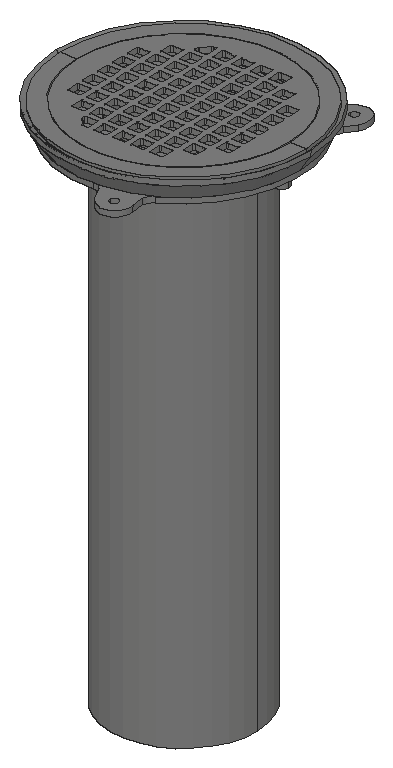
Revit family "Drain_Floor_Shallow_POD_PRO_Zurn-ZPD1-H", category Plumbing Fixtures, Revit 2022 (continued)
Forms (in)
  Extrusion 3, solid, material "Steel - Zurn - Stainless Type 304 CF8" <- "Top Assembly", detail levels fine
    sketch origin (0, 0, 0) x (1, 0, 0) y (0, 1, 0)
      loop
        spline (1.00009, -1.46875) -> (1.00416, -1.46848) -> (1.00816, -1.46769) -> (1.01202, -1.46638) -> (1.01568, -1.46458) -> (1.01907, -1.46232) -> (1.02213, -1.45963) -> (1.02482, -1.45657) -> (1.02708, -1.45318) -> (1.02888, -1.44952) -> (1.03019, -1.44566) -> (1.03098, -1.44166) -> (1.03125, -1.43759)
        line (1.03125, -1.43759) -> (1.03125, -1.18741)
        spline (1.03125, -1.18741) -> (1.03098, -1.18334) -> (1.03019, -1.17934) -> (1.02888, -1.17548) -> (1.02708, -1.17182) -> (1.02482, -1.16843) -> (1.02213, -1.16537) -> (1.01907, -1.16268) -> (1.01568, -1.16042) -> (1.01202, -1.15862) -> (1.00816, -1.15731) -> (1.00416, -1.15652) -> (1.00009, -1.15625)
        line (1.00009, -1.15625) -> (0.74991, -1.15625)
        spline (0.74991, -1.15625) -> (0.74584, -1.15652) -> (0.74184, -1.15731) -> (0.73798, -1.15862) -> (0.73432, -1.16042) -> (0.73093, -1.16268) -> (0.72787, -1.16537) -> (0.72518, -1.16843) -> (0.72292, -1.17182) -> (0.72112, -1.17548) -> (0.71981, -1.17934) -> (0.71902, -1.18334) -> (0.71875, -1.18741)
        line (0.71875, -1.18741) -> (0.71875, -1.43759)
      loop
        spline (0.71875, -1.00009) -> (0.71902, -1.00416) -> (0.71981, -1.00816) -> (0.72112, -1.01202) -> (0.72292, -1.01568) -> (0.72518, -1.01907) -> (0.72787, -1.02213) -> (0.73093, -1.02482) -> (0.73432, -1.02708) -> (0.73798, -1.02888) -> (0.74184, -1.03019) -> (0.74584, -1.03098) -> (0.74991, -1.03125)
        line (0.74991, -1.03125) -> (1.00009, -1.03125)
        spline (1.00009, -1.03125) -> (1.00416, -1.03098) -> (1.00816, -1.03019) -> (1.01202, -1.02888) -> (1.01568, -1.02708) -> (1.01907, -1.02482) -> (1.02213, -1.02213) -> (1.02482, -1.01907) -> (1.02708, -1.01568) -> (1.02888, -1.01202) -> (1.03019, -1.00816) -> (1.03098, -1.00416) -> (1.03125, -1.00009)
        line (1.03125, -1.00009) -> (1.03125, -0.74991)
        spline (1.03125, -0.74991) -> (1.03098, -0.74584) -> (1.03019, -0.74184) -> (1.02888, -0.73798) -> (1.02708, -0.73432) -> (1.02482, -0.73093) -> (1.02213, -0.72787) -> (1.01907, -0.72518) -> (1.01568, -0.72292) -> (1.01202, -0.72112) -> (1.00816, -0.71981) -> (1.00416, -0.71902) -> (1.00009, -0.71875)
        line (1.00009, -0.71875) -> (0.74991, -0.71875)
        spline (0.74991, -0.71875) -> (0.74584, -0.71902) -> (0.74184, -0.71981) -> (0.73798, -0.72112) -> (0.73432, -0.72292) -> (0.73093, -0.72518) -> (0.72787, -0.72787) -> (0.72518, -0.73093) -> (0.72292, -0.73432) -> (0.72112, -0.73798) -> (0.71981, -0.74184) -> (0.71902, -0.74584) -> (0.71875, -0.74991)
        line (0.71875, -0.74991) -> (0.71875, -1.00009)
      loop
        spline (0.71875, -0.56259) -> (0.71902, -0.56666) -> (0.71981, -0.57066) -> (0.72112, -0.57452) -> (0.72292, -0.57818) -> (0.72518, -0.58157) -> (0.72787, -0.58463) -> (0.73093, -0.58732) -> (0.73432, -0.58958) -> (0.73798, -0.59138) -> (0.74184, -0.59269) -> (0.74584, -0.59348) -> (0.74991, -0.59375)
        line (0.74991, -0.59375) -> (1.00009, -0.59375)
        spline (1.00009, -0.59375) -> (1.00416, -0.59348) -> (1.00816, -0.59269) -> (1.01202, -0.59138) -> (1.01568, -0.58958) -> (1.01907, -0.58732) -> (1.02213, -0.58463) -> (1.02482, -0.58157) -> (1.02708, -0.57818) -> (1.02888, -0.57452) -> (1.03019, -0.57066) -> (1.03098, -0.56666) -> (1.03125, -0.56259)
        line (1.03125, -0.56259) -> (1.03125, -0.31241)
        spline (1.03125, -0.31241) -> (1.03098, -0.30834) -> (1.03019, -0.30434) -> (1.02888, -0.30048) -> (1.02708, -0.29682) -> (1.02482, -0.29343) -> (1.02213, -0.29037) -> (1.01907, -0.28768) -> (1.01568, -0.28542) -> (1.01202, -0.28362) -> (1.00816, -0.28231) -> (1.00416, -0.28152) -> (1.00009, -0.28125)
        line (1.00009, -0.28125) -> (0.74991, -0.28125)
        spline (0.74991, -0.28125) -> (0.74584, -0.28152) -> (0.74184, -0.28231) -> (0.73798, -0.28362) -> (0.73432, -0.28542) -> (0.73093, -0.28768) -> (0.72787, -0.29037) -> (0.72518, -0.29343) -> (0.72292, -0.29682) -> (0.72112, -0.30048) -> (0.71981, -0.30434) -> (0.71902, -0.30834) -> (0.71875, -0.31241)
        line (0.71875, -0.31241) -> (0.71875, -0.56259)
      loop
        spline (0.71875, -0.12509) -> (0.71902, -0.12916) -> (0.71981, -0.13316) -> (0.72112, -0.13702) -> (0.72292, -0.14068) -> (0.72518, -0.14407) -> (0.72787, -0.14713) -> (0.73093, -0.14982) -> (0.73432, -0.15208) -> (0.73798, -0.15388) -> (0.74184, -0.15519) -> (0.74584, -0.15598) -> (0.74991, -0.15625)
        line (0.74991, -0.15625) -> (1.00009, -0.15625)
        spline (1.00009, -0.15625) -> (1.00416, -0.15598) -> (1.00816, -0.15519) -> (1.01202, -0.15388) -> (1.01568, -0.15208) -> (1.01907, -0.14982) -> (1.02213, -0.14713) -> (1.02482, -0.14407) -> (1.02708, -0.14068) -> (1.02888, -0.13702) -> (1.03019, -0.13316) -> (1.03098, -0.12916) -> (1.03125, -0.12509)
        line (1.03125, -0.12509) -> (1.03125, 0.12509)
        spline (1.03125, 0.12509) -> (1.03098, 0.12916) -> (1.03019, 0.13316) -> (1.02888, 0.13702) -> (1.02708, 0.14068) -> (1.02482, 0.14407) -> (1.02213, 0.14713) -> (1.01907, 0.14982) -> (1.01568, 0.15208) -> (1.01202, 0.15388) -> (1.00816, 0.15519) -> (1.00416, 0.15598) -> (1.00009, 0.15625)
        line (1.00009, 0.15625) -> (0.74991, 0.15625)
        spline (0.74991, 0.15625) -> (0.74584, 0.15598) -> (0.74184, 0.15519) -> (0.73798, 0.15388) -> (0.73432, 0.15208) -> (0.73093, 0.14982) -> (0.72787, 0.14713) -> (0.72518, 0.14407) -> (0.72292, 0.14068) -> (0.72112, 0.13702) -> (0.71981, 0.13316) -> (0.71902, 0.12916) -> (0.71875, 0.12509)
        line (0.71875, 0.12509) -> (0.71875, -0.12509)
      loop
        spline (0.31241, -1.59375) -> (0.30834, -1.59402) -> (0.30434, -1.59481) -> (0.30048, -1.59612) -> (0.29682, -1.59792) -> (0.29343, -1.60018) -> (0.29037, -1.60287) -> (0.28768, -1.60593) -> (0.28542, -1.60932) -> (0.28362, -1.61298) -> (0.28231, -1.61684) -> (0.28152, -1.62084) -> (0.28125, -1.62491)
        line (0.28125, -1.62491) -> (0.28125, -1.87509)
        spline (0.28125, -1.87509) -> (0.28152, -1.87916) -> (0.28231, -1.88316) -> (0.28362, -1.88702) -> (0.28542, -1.89068) -> (0.28768, -1.89407) -> (0.29037, -1.89713) -> (0.29343, -1.89982) -> (0.29682, -1.90208) -> (0.30048, -1.90388) -> (0.30434, -1.90519) -> (0.30834, -1.90598) -> (0.31241, -1.90625)
        line (0.31241, -1.90625) -> (0.56259, -1.90625)
        spline (0.56259, -1.90625) -> (0.56666, -1.90598) -> (0.57066, -1.90519) -> (0.57452, -1.90388) -> (0.57818, -1.90208) -> (0.58157, -1.89982) -> (0.58463, -1.89713) -> (0.58732, -1.89407) -> (0.58958, -1.89068) -> (0.59138, -1.88702) -> (0.59269, -1.88316) -> (0.59348, -1.87916) -> (0.59375, -1.87509)
        line (0.59375, -1.87509) -> (0.59375, -1.62491)
        spline (0.59375, -1.62491) -> (0.59348, -1.62084) -> (0.59269, -1.61684) -> (0.59138, -1.61298) -> (0.58958, -1.60932) -> (0.58732, -1.60593) -> (0.58463, -1.60287) -> (0.58157, -1.60018) -> (0.57818, -1.59792) -> (0.57452, -1.59612) -> (0.57066, -1.59481) -> (0.56666, -1.59402) -> (0.56259, -1.59375)
        line (0.56259, -1.59375) -> (0.31241, -1.59375)
      loop
        spline (0.28125, -1.43759) -> (0.28152, -1.44166) -> (0.28231, -1.44566) -> (0.28362, -1.44952) -> (0.28542, -1.45318) -> (0.28768, -1.45657) -> (0.29037, -1.45963) -> (0.29343, -1.46232) -> (0.29682, -1.46458) -> (0.30048, -1.46638) -> (0.30434, -1.46769) -> (0.30834, -1.46848) -> (0.31241, -1.46875)
        line (0.31241, -1.46875) -> (0.56259, -1.46875)
        spline (0.56259, -1.46875) -> (0.56666, -1.46848) -> (0.57066, -1.46769) -> (0.57452, -1.46638) -> (0.57818, -1.46458) -> (0.58157, -1.46232) -> (0.58463, -1.45963) -> (0.58732, -1.45657) -> (0.58958, -1.45318) -> (0.59138, -1.44952) -> (0.59269, -1.44566) -> (0.59348, -1.44166) -> (0.59375, -1.43759)
        line (0.59375, -1.43759) -> (0.59375, -1.18741)
        spline (0.59375, -1.18741) -> (0.59348, -1.18334) -> (0.59269, -1.17934) -> (0.59138, -1.17548) -> (0.58958, -1.17182) -> (0.58732, -1.16843) -> (0.58463, -1.16537) -> (0.58157, -1.16268) -> (0.57818, -1.16042) -> (0.57452, -1.15862) -> (0.57066, -1.15731) -> (0.56666, -1.15652) -> (0.56259, -1.15625)
        line (0.56259, -1.15625) -> (0.31241, -1.15625)
        spline (0.31241, -1.15625) -> (0.30834, -1.15652) -> (0.30434, -1.15731) -> (0.30048, -1.15862) -> (0.29682, -1.16042) -> (0.29343, -1.16268) -> (0.29037, -1.16537) -> (0.28768, -1.16843) -> (0.28542, -1.17182) -> (0.28362, -1.17548) -> (0.28231, -1.17934) -> (0.28152, -1.18334) -> (0.28125, -1.18741)
        line (0.28125, -1.18741) -> (0.28125, -1.43759)
      loop
        spline (0.28125, -1.00009) -> (0.28152, -1.00416) -> (0.28231, -1.00816) -> (0.28362, -1.01202) -> (0.28542, -1.01568) -> (0.28768, -1.01907) -> (0.29037, -1.02213) -> (0.29343, -1.02482) -> (0.29682, -1.02708) -> (0.30048, -1.02888) -> (0.30434, -1.03019) -> (0.30834, -1.03098) -> (0.31241, -1.03125)
        line (0.31241, -1.03125) -> (0.56259, -1.03125)
        spline (0.56259, -1.03125) -> (0.56666, -1.03098) -> (0.57066, -1.03019) -> (0.57452, -1.02888) -> (0.57818, -1.02708) -> (0.58157, -1.02482) -> (0.58463, -1.02213) -> (0.58732, -1.01907) -> (0.58958, -1.01568) -> (0.59138, -1.01202) -> (0.59269, -1.00816) -> (0.59348, -1.00416) -> (0.59375, -1.00009)
        line (0.59375, -1.00009) -> (0.59375, -0.74991)
        spline (0.59375, -0.74991) -> (0.59348, -0.74584) -> (0.59269, -0.74184) -> (0.59138, -0.73798) -> (0.58958, -0.73432) -> (0.58732, -0.73093) -> (0.58463, -0.72787) -> (0.58157, -0.72518) -> (0.57818, -0.72292) -> (0.57452, -0.72112) -> (0.57066, -0.71981) -> (0.56666, -0.71902) -> (0.56259, -0.71875)
        line (0.56259, -0.71875) -> (0.31241, -0.71875)
        spline (0.31241, -0.71875) -> (0.30834, -0.71902) -> (0.30434, -0.71981) -> (0.30048, -0.72112) -> (0.29682, -0.72292) -> (0.29343, -0.72518) -> (0.29037, -0.72787) -> (0.28768, -0.73093) -> (0.28542, -0.73432) -> (0.28362, -0.73798) -> (0.28231, -0.74184) -> (0.28152, -0.74584) -> (0.28125, -0.74991)
        line (0.28125, -0.74991) -> (0.28125, -1.00009)
      loop
        spline (0.28125, -0.56259) -> (0.28152, -0.56666) -> (0.28231, -0.57066) -> (0.28362, -0.57452) -> (0.28542, -0.57818) -> (0.28768, -0.58157) -> (0.29037, -0.58463) -> (0.29343, -0.58732) -> (0.29682, -0.58958) -> (0.30048, -0.59138) -> (0.30434, -0.59269) -> (0.30834, -0.59348) -> (0.31241, -0.59375)
        line (0.31241, -0.59375) -> (0.56259, -0.59375)
        spline (0.56259, -0.59375) -> (0.56666, -0.59348) -> (0.57066, -0.59269) -> (0.57452, -0.59138) -> (0.57818, -0.58958) -> (0.58157, -0.58732) -> (0.58463, -0.58463) -> (0.58732, -0.58157) -> (0.58958, -0.57818) -> (0.59138, -0.57452) -> (0.59269, -0.57066) -> (0.59348, -0.56666) -> (0.59375, -0.56259)
        line (0.59375, -0.56259) -> (0.59375, -0.31241)
        spline (0.59375, -0.31241) -> (0.59348, -0.30834) -> (0.59269, -0.30434) -> (0.59138, -0.30048) -> (0.58958, -0.29682) -> (0.58732, -0.29343) -> (0.58463, -0.29037) -> (0.58157, -0.28768) -> (0.57818, -0.28542) -> (0.57452, -0.28362) -> (0.57066, -0.28231) -> (0.56666, -0.28152) -> (0.56259, -0.28125)
        line (0.56259, -0.28125) -> (0.31241, -0.28125)
        spline (0.31241, -0.28125) -> (0.30834, -0.28152) -> (0.30434, -0.28231) -> (0.30048, -0.28362) -> (0.29682, -0.28542) -> (0.29343, -0.28768) -> (0.29037, -0.29037) -> (0.28768, -0.29343) -> (0.28542, -0.29682) -> (0.28362, -0.30048) -> (0.28231, -0.30434) -> (0.28152, -0.30834) -> (0.28125, -0.31241)
        line (0.28125, -0.31241) -> (0.28125, -0.56259)
      loop
        spline (0.28125, -0.12509) -> (0.28152, -0.12916) -> (0.28231, -0.13316) -> (0.28362, -0.13702) -> (0.28542, -0.14068) -> (0.28768, -0.14407) -> (0.29037, -0.14713) -> (0.29343, -0.14982) -> (0.29682, -0.15208) -> (0.30048, -0.15388) -> (0.30434, -0.15519) -> (0.30834, -0.15598) -> (0.31241, -0.15625)
        line (0.31241, -0.15625) -> (0.56259, -0.15625)
        spline (0.56259, -0.15625) -> (0.56666, -0.15598) -> (0.57066, -0.15519) -> (0.57452, -0.15388) -> (0.57818, -0.15208) -> (0.58157, -0.14982) -> (0.58463, -0.14713) -> (0.58732, -0.14407) -> (0.58958, -0.14068) -> (0.59138, -0.13702) -> (0.59269, -0.13316) -> (0.59348, -0.12916) -> (0.59375, -0.12509)
        line (0.59375, -0.12509) -> (0.59375, 0.12509)
        spline (0.59375, 0.12509) -> (0.59348, 0.12916) -> (0.59269, 0.13316) -> (0.59138, 0.13702) -> (0.58958, 0.14068) -> (0.58732, 0.14407) -> (0.58463, 0.14713) -> (0.58157, 0.14982) -> (0.57818, 0.15208) -> (0.57452, 0.15388) -> (0.57066, 0.15519) -> (0.56666, 0.15598) -> (0.56259, 0.15625)
        line (0.56259, 0.15625) -> (0.31241, 0.15625)
        spline (0.31241, 0.15625) -> (0.30834, 0.15598) -> (0.30434, 0.15519) -> (0.30048, 0.15388) -> (0.29682, 0.15208) -> (0.29343, 0.14982) -> (0.29037, 0.14713) -> (0.28768, 0.14407) -> (0.28542, 0.14068) -> (0.28362, 0.13702) -> (0.28231, 0.13316) -> (0.28152, 0.12916) -> (0.28125, 0.12509)
        line (0.28125, 0.12509) -> (0.28125, -0.12509)
      loop
        spline (-0.15625, -1.87509) -> (-0.15598, -1.87916) -> (-0.15519, -1.88316) -> (-0.15388, -1.88702) -> (-0.15208, -1.89068) -> (-0.14982, -1.89407) -> (-0.14713, -1.89713) -> (-0.14407, -1.89982) -> (-0.14068, -1.90208) -> (-0.13702, -1.90388) -> (-0.13316, -1.90519) -> (-0.12916, -1.90598) -> (-0.12509, -1.90625)
        line (-0.12509, -1.90625) -> (0.12509, -1.90625)
        spline (0.12509, -1.90625) -> (0.12916, -1.90598) -> (0.13316, -1.90519) -> (0.13702, -1.90388) -> (0.14068, -1.90208) -> (0.14407, -1.89982) -> (0.14713, -1.89713) -> (0.14982, -1.89407) -> (0.15208, -1.89068) -> (0.15388, -1.88702) -> (0.15519, -1.88316) -> (0.15598, -1.87916) -> (0.15625, -1.87509)
        line (0.15625, -1.87509) -> (0.15625, -1.62491)
        spline (0.15625, -1.62491) -> (0.15598, -1.62084) -> (0.15519, -1.61684) -> (0.15388, -1.61298) -> (0.15208, -1.60932) -> (0.14982, -1.60593) -> (0.14713, -1.60287) -> (0.14407, -1.60018) -> (0.14068, -1.59792) -> (0.13702, -1.59612) -> (0.13316, -1.59481) -> (0.12916, -1.59402) -> (0.12509, -1.59375)
        line (0.12509, -1.59375) -> (-0.12509, -1.59375)
        spline (-0.12509, -1.59375) -> (-0.12916, -1.59402) -> (-0.13316, -1.59481) -> (-0.13702, -1.59612) -> (-0.14068, -1.59792) -> (-0.14407, -1.60018) -> (-0.14713, -1.60287) -> (-0.14982, -1.60593) -> (-0.15208, -1.60932) -> (-0.15388, -1.61298) -> (-0.15519, -1.61684) -> (-0.15598, -1.62084) -> (-0.15625, -1.62491)
        line (-0.15625, -1.62491) -> (-0.15625, -1.87509)
      loop
        spline (-0.15625, -1.43759) -> (-0.15598, -1.44166) -> (-0.15519, -1.44566) -> (-0.15388, -1.44952) -> (-0.15208, -1.45318) -> (-0.14982, -1.45657) -> (-0.14713, -1.45963) -> (-0.14407, -1.46232) -> (-0.14068, -1.46458) -> (-0.13702, -1.46638) -> (-0.13316, -1.46769) -> (-0.12916, -1.46848) -> (-0.12509, -1.46875)
        line (-0.12509, -1.46875) -> (0.12509, -1.46875)
        spline (0.12509, -1.46875) -> (0.12916, -1.46848) -> (0.13316, -1.46769) -> (0.13702, -1.46638) -> (0.14068, -1.46458) -> (0.14407, -1.46232) -> (0.14713, -1.45963) -> (0.14982, -1.45657) -> (0.15208, -1.45318) -> (0.15388, -1.44952) -> (0.15519, -1.44566) -> (0.15598, -1.44166) -> (0.15625, -1.43759)
        line (0.15625, -1.43759) -> (0.15625, -1.18741)
        spline (0.15625, -1.18741) -> (0.15598, -1.18334) -> (0.15519, -1.17934) -> (0.15388, -1.17548) -> (0.15208, -1.17182) -> (0.14982, -1.16843) -> (0.14713, -1.16537) -> (0.14407, -1.16268) -> (0.14068, -1.16042) -> (0.13702, -1.15862) -> (0.13316, -1.15731) -> (0.12916, -1.15652) -> (0.12509, -1.15625)
        line (0.12509, -1.15625) -> (-0.12509, -1.15625)
        spline (-0.12509, -1.15625) -> (-0.12916, -1.15652) -> (-0.13316, -1.15731) -> (-0.13702, -1.15862) -> (-0.14068, -1.16042) -> (-0.14407, -1.16268) -> (-0.14713, -1.16537) -> (-0.14982, -1.16843) -> (-0.15208, -1.17182) -> (-0.15388, -1.17548) -> (-0.15519, -1.17934) -> (-0.15598, -1.18334) -> (-0.15625, -1.18741)
        line (-0.15625, -1.18741) -> (-0.15625, -1.43759)
      loop
        spline (-0.15625, -1.00009) -> (-0.15598, -1.00416) -> (-0.15519, -1.00816) -> (-0.15388, -1.01202) -> (-0.15208, -1.01568) -> (-0.14982, -1.01907) -> (-0.14713, -1.02213) -> (-0.14407, -1.02482) -> (-0.14068, -1.02708) -> (-0.13702, -1.02888) -> (-0.13316, -1.03019) -> (-0.12916, -1.03098) -> (-0.12509, -1.03125)
        line (-0.12509, -1.03125) -> (0.12509, -1.03125)
        spline (0.12509, -1.03125) -> (0.12916, -1.03098) -> (0.13316, -1.03019) -> (0.13702, -1.02888) -> (0.14068, -1.02708) -> (0.14407, -1.02482) -> (0.14713, -1.02213) -> (0.14982, -1.01907) -> (0.15208, -1.01568) -> (0.15388, -1.01202) -> (0.15519, -1.00816) -> (0.15598, -1.00416) -> (0.15625, -1.00009)
        line (0.15625, -1.00009) -> (0.15625, -0.74991)
        spline (0.15625, -0.74991) -> (0.15598, -0.74584) -> (0.15519, -0.74184) -> (0.15388, -0.73798) -> (0.15208, -0.73432) -> (0.14982, -0.73093) -> (0.14713, -0.72787) -> (0.14407, -0.72518) -> (0.14068, -0.72292) -> (0.13702, -0.72112) -> (0.13316, -0.71981) -> (0.12916, -0.71902) -> (0.12509, -0.71875)
        line (0.12509, -0.71875) -> (-0.12509, -0.71875)
        spline (-0.12509, -0.71875) -> (-0.12916, -0.71902) -> (-0.13316, -0.71981) -> (-0.13702, -0.72112) -> (-0.14068, -0.72292) -> (-0.14407, -0.72518) -> (-0.14713, -0.72787) -> (-0.14982, -0.73093) -> (-0.15208, -0.73432) -> (-0.15388, -0.73798) -> (-0.15519, -0.74184) -> (-0.15598, -0.74584) -> (-0.15625, -0.74991)
        line (-0.15625, -0.74991) -> (-0.15625, -1.00009)
      loop
        spline (-0.15625, -0.56259) -> (-0.15598, -0.56666) -> (-0.15519, -0.57066) -> (-0.15388, -0.57452) -> (-0.15208, -0.57818) -> (-0.14982, -0.58157) -> (-0.14713, -0.58463) -> (-0.14407, -0.58732) -> (-0.14068, -0.58958) -> (-0.13702, -0.59138) -> (-0.13316, -0.59269) -> (-0.12916, -0.59348) -> (-0.12509, -0.59375)
        line (-0.12509, -0.59375) -> (0.12509, -0.59375)
        spline (0.12509, -0.59375) -> (0.12916, -0.59348) -> (0.13316, -0.59269) -> (0.13702, -0.59138) -> (0.14068, -0.58958) -> (0.14407, -0.58732) -> (0.14713, -0.58463) -> (0.14982, -0.58157) -> (0.15208, -0.57818) -> (0.15388, -0.57452) -> (0.15519, -0.57066) -> (0.15598, -0.56666) -> (0.15625, -0.56259)
        line (0.15625, -0.56259) -> (0.15625, -0.31241)
        spline (0.15625, -0.31241) -> (0.15598, -0.30834) -> (0.15519, -0.30434) -> (0.15388, -0.30048) -> (0.15208, -0.29682) -> (0.14982, -0.29343) -> (0.14713, -0.29037) -> (0.14407, -0.28768) -> (0.14068, -0.28542) -> (0.13702, -0.28362) -> (0.13316, -0.28231) -> (0.12916, -0.28152) -> (0.12509, -0.28125)
        line (0.12509, -0.28125) -> (-0.12509, -0.28125)
        spline (-0.12509, -0.28125) -> (-0.12916, -0.28152) -> (-0.13316, -0.28231) -> (-0.13702, -0.28362) -> (-0.14068, -0.28542) -> (-0.14407, -0.28768) -> (-0.14713, -0.29037) -> (-0.14982, -0.29343) -> (-0.15208, -0.29682) -> (-0.15388, -0.30048) -> (-0.15519, -0.30434) -> (-0.15598, -0.30834) -> (-0.15625, -0.31241)
        line (-0.15625, -0.31241) -> (-0.15625, -0.56259)
      loop
        spline (-0.31241, 1.59375) -> (-0.30834, 1.59402) -> (-0.30434, 1.59481) -> (-0.30048, 1.59612) -> (-0.29682, 1.59792) -> (-0.29343, 1.60018) -> (-0.29037, 1.60287) -> (-0.28768, 1.60593) -> (-0.28542, 1.60932) -> (-0.28362, 1.61298) -> (-0.28231, 1.61684) -> (-0.28152, 1.62084) -> (-0.28125, 1.62491)
        line (-0.28125, 1.62491) -> (-0.28125, 1.87509)
        spline (-0.28125, 1.87509) -> (-0.28152, 1.87916) -> (-0.28231, 1.88316) -> (-0.28362, 1.88702) -> (-0.28542, 1.89068) -> (-0.28768, 1.89407) -> (-0.29037, 1.89713) -> (-0.29343, 1.89982) -> (-0.29682, 1.90208) -> (-0.30048, 1.90388) -> (-0.30434, 1.90519) -> (-0.30834, 1.90598) -> (-0.31241, 1.90625)
        line (-0.31241, 1.90625) -> (-0.56259, 1.90625)
        spline (-0.56259, 1.90625) -> (-0.56666, 1.90598) -> (-0.57066, 1.90519) -> (-0.57452, 1.90388) -> (-0.57818, 1.90208) -> (-0.58157, 1.89982) -> (-0.58463, 1.89713) -> (-0.58732, 1.89407) -> (-0.58958, 1.89068) -> (-0.59138, 1.88702) -> (-0.59269, 1.88316) -> (-0.59348, 1.87916) -> (-0.59375, 1.87509)
        line (-0.59375, 1.87509) -> (-0.59375, 1.62491)
        spline (-0.59375, 1.62491) -> (-0.59348, 1.62084) -> (-0.59269, 1.61684) -> (-0.59138, 1.61298) -> (-0.58958, 1.60932) -> (-0.58732, 1.60593) -> (-0.58463, 1.60287) -> (-0.58157, 1.60018) -> (-0.57818, 1.59792) -> (-0.57452, 1.59612) -> (-0.57066, 1.59481) -> (-0.56666, 1.59402) -> (-0.56259, 1.59375)
        line (-0.56259, 1.59375) -> (-0.31241, 1.59375)
      loop
        spline (0.12509, 1.59375) -> (0.12916, 1.59402) -> (0.13316, 1.59481) -> (0.13702, 1.59612) -> (0.14068, 1.59792) -> (0.14407, 1.60018) -> (0.14713, 1.60287) -> (0.14982, 1.60593) -> (0.15208, 1.60932) -> (0.15388, 1.61298) -> (0.15519, 1.61684) -> (0.15598, 1.62084) -> (0.15625, 1.62491)
        line (0.15625, 1.62491) -> (0.15625, 1.87509)
        spline (0.15625, 1.87509) -> (0.15598, 1.87916) -> (0.15519, 1.88316) -> (0.15388, 1.88702) -> (0.15208, 1.89068) -> (0.14982, 1.89407) -> (0.14713, 1.89713) -> (0.14407, 1.89982) -> (0.14068, 1.90208) -> (0.13702, 1.90388) -> (0.13316, 1.90519) -> (0.12916, 1.90598) -> (0.12509, 1.90625)
        line (0.12509, 1.90625) -> (-0.12509, 1.90625)
        spline (-0.12509, 1.90625) -> (-0.12916, 1.90598) -> (-0.13316, 1.90519) -> (-0.13702, 1.90388) -> (-0.14068, 1.90208) -> (-0.14407, 1.89982) -> (-0.14713, 1.89713) -> (-0.14982, 1.89407) -> (-0.15208, 1.89068) -> (-0.15388, 1.88702) -> (-0.15519, 1.88316) -> (-0.15598, 1.87916) -> (-0.15625, 1.87509)
        line (-0.15625, 1.87509) -> (-0.15625, 1.62491)
        spline (-0.15625, 1.62491) -> (-0.15598, 1.62084) -> (-0.15519, 1.61684) -> (-0.15388, 1.61298) -> (-0.15208, 1.60932) -> (-0.14982, 1.60593) -> (-0.14713, 1.60287) -> (-0.14407, 1.60018) -> (-0.14068, 1.59792) -> (-0.13702, 1.59612) -> (-0.13316, 1.59481) -> (-0.12916, 1.59402) -> (-0.12509, 1.59375)
        line (-0.12509, 1.59375) -> (0.12509, 1.59375)
      loop
        spline (-1.46875, 1.18741) -> (-1.46848, 1.18334) -> (-1.46769, 1.17934) -> (-1.46638, 1.17548) -> (-1.46458, 1.17182) -> (-1.46232, 1.16843) -> (-1.45963, 1.16537) -> (-1.45657, 1.16268) -> (-1.45318, 1.16042) -> (-1.44952, 1.15862) -> (-1.44566, 1.15731) -> (-1.44166, 1.15652) -> (-1.43759, 1.15625)
        line (-1.43759, 1.15625) -> (-1.18741, 1.15625)
        spline (-1.18741, 1.15625) -> (-1.18334, 1.15652) -> (-1.17934, 1.15731) -> (-1.17548, 1.15862) -> (-1.17182, 1.16042) -> (-1.16843, 1.16268) -> (-1.16537, 1.16537) -> (-1.16268, 1.16843) -> (-1.16042, 1.17182) -> (-1.15862, 1.17548) -> (-1.15731, 1.17934) -> (-1.15652, 1.18334) -> (-1.15625, 1.18741)
        line (-1.15625, 1.18741) -> (-1.15625, 1.43759)
        spline (-1.15625, 1.43759) -> (-1.15652, 1.44166) -> (-1.15731, 1.44566) -> (-1.15862, 1.44952) -> (-1.16042, 1.45318) -> (-1.16268, 1.45657) -> (-1.16537, 1.45963) -> (-1.16843, 1.46232) -> (-1.17182, 1.46458) -> (-1.17548, 1.46638) -> (-1.17934, 1.46769) -> (-1.18334, 1.46848) -> (-1.18741, 1.46875)
        line (-1.18741, 1.46875) -> (-1.43759, 1.46875)
        spline (-1.43759, 1.46875) -> (-1.44166, 1.46848) -> (-1.44566, 1.46769) -> (-1.44952, 1.46638) -> (-1.45318, 1.46458) -> (-1.45657, 1.46232) -> (-1.45963, 1.45963) -> (-1.46232, 1.45657) -> (-1.46458, 1.45318) -> (-1.46638, 1.44952) -> (-1.46769, 1.44566) -> (-1.46848, 1.44166) -> (-1.46875, 1.43759)
        line (-1.46875, 1.43759) -> (-1.46875, 1.18741)
      loop
        spline (-0.74991, 1.15625) -> (-0.74584, 1.15652) -> (-0.74184, 1.15731) -> (-0.73798, 1.15862) -> (-0.73432, 1.16042) -> (-0.73093, 1.16268) -> (-0.72787, 1.16537) -> (-0.72518, 1.16843) -> (-0.72292, 1.17182) -> (-0.72112, 1.17548) -> (-0.71981, 1.17934) -> (-0.71902, 1.18334) -> (-0.71875, 1.18741)
        line (-0.71875, 1.18741) -> (-0.71875, 1.43759)
        spline (-0.71875, 1.43759) -> (-0.71902, 1.44166) -> (-0.71981, 1.44566) -> (-0.72112, 1.44952) -> (-0.72292, 1.45318) -> (-0.72518, 1.45657) -> (-0.72787, 1.45963) -> (-0.73093, 1.46232) -> (-0.73432, 1.46458) -> (-0.73798, 1.46638) -> (-0.74184, 1.46769) -> (-0.74584, 1.46848) -> (-0.74991, 1.46875)
        line (-0.74991, 1.46875) -> (-1.00009, 1.46875)
        spline (-1.00009, 1.46875) -> (-1.00416, 1.46848) -> (-1.00816, 1.46769) -> (-1.01202, 1.46638) -> (-1.01568, 1.46458) -> (-1.01907, 1.46232) -> (-1.02213, 1.45963) -> (-1.02482, 1.45657) -> (-1.02708, 1.45318) -> (-1.02888, 1.44952) -> (-1.03019, 1.44566) -> (-1.03098, 1.44166) -> (-1.03125, 1.43759)
        line (-1.03125, 1.43759) -> (-1.03125, 1.18741)
        spline (-1.03125, 1.18741) -> (-1.03098, 1.18334) -> (-1.03019, 1.17934) -> (-1.02888, 1.17548) -> (-1.02708, 1.17182) -> (-1.02482, 1.16843) -> (-1.02213, 1.16537) -> (-1.01907, 1.16268) -> (-1.01568, 1.16042) -> (-1.01202, 1.15862) -> (-1.00816, 1.15731) -> (-1.00416, 1.15652) -> (-1.00009, 1.15625)
        line (-1.00009, 1.15625) -> (-0.74991, 1.15625)
      loop
        spline (-0.31241, 1.15625) -> (-0.30834, 1.15652) -> (-0.30434, 1.15731) -> (-0.30048, 1.15862) -> (-0.29682, 1.16042) -> (-0.29343, 1.16268) -> (-0.29037, 1.16537) -> (-0.28768, 1.16843) -> (-0.28542, 1.17182) -> (-0.28362, 1.17548) -> (-0.28231, 1.17934) -> (-0.28152, 1.18334) -> (-0.28125, 1.18741)
        line (-0.28125, 1.18741) -> (-0.28125, 1.43759)
        spline (-0.28125, 1.43759) -> (-0.28152, 1.44166) -> (-0.28231, 1.44566) -> (-0.28362, 1.44952) -> (-0.28542, 1.45318) -> (-0.28768, 1.45657) -> (-0.29037, 1.45963) -> (-0.29343, 1.46232) -> (-0.29682, 1.46458) -> (-0.30048, 1.46638) -> (-0.30434, 1.46769) -> (-0.30834, 1.46848) -> (-0.31241, 1.46875)
        line (-0.31241, 1.46875) -> (-0.56259, 1.46875)
        spline (-0.56259, 1.46875) -> (-0.56666, 1.46848) -> (-0.57066, 1.46769) -> (-0.57452, 1.46638) -> (-0.57818, 1.46458) -> (-0.58157, 1.46232) -> (-0.58463, 1.45963) -> (-0.58732, 1.45657) -> (-0.58958, 1.45318) -> (-0.59138, 1.44952) -> (-0.59269, 1.44566) -> (-0.59348, 1.44166) -> (-0.59375, 1.43759)
        line (-0.59375, 1.43759) -> (-0.59375, 1.18741)
        spline (-0.59375, 1.18741) -> (-0.59348, 1.18334) -> (-0.59269, 1.17934) -> (-0.59138, 1.17548) -> (-0.58958, 1.17182) -> (-0.58732, 1.16843) -> (-0.58463, 1.16537) -> (-0.58157, 1.16268) -> (-0.57818, 1.16042) -> (-0.57452, 1.15862) -> (-0.57066, 1.15731) -> (-0.56666, 1.15652) -> (-0.56259, 1.15625)
        line (-0.56259, 1.15625) -> (-0.31241, 1.15625)
      loop
        spline (0.12509, 1.15625) -> (0.12916, 1.15652) -> (0.13316, 1.15731) -> (0.13702, 1.15862) -> (0.14068, 1.16042) -> (0.14407, 1.16268) -> (0.14713, 1.16537) -> (0.14982, 1.16843) -> (0.15208, 1.17182) -> (0.15388, 1.17548) -> (0.15519, 1.17934) -> (0.15598, 1.18334) -> (0.15625, 1.18741)
        line (0.15625, 1.18741) -> (0.15625, 1.43759)
        spline (0.15625, 1.43759) -> (0.15598, 1.44166) -> (0.15519, 1.44566) -> (0.15388, 1.44952) -> (0.15208, 1.45318) -> (0.14982, 1.45657) -> (0.14713, 1.45963) -> (0.14407, 1.46232) -> (0.14068, 1.46458) -> (0.13702, 1.46638) -> (0.13316, 1.46769) -> (0.12916, 1.46848) -> (0.12509, 1.46875)
        line (0.12509, 1.46875) -> (-0.12509, 1.46875)
        spline (-0.12509, 1.46875) -> (-0.12916, 1.46848) -> (-0.13316, 1.46769) -> (-0.13702, 1.46638) -> (-0.14068, 1.46458) -> (-0.14407, 1.46232) -> (-0.14713, 1.45963) -> (-0.14982, 1.45657) -> (-0.15208, 1.45318) -> (-0.15388, 1.44952) -> (-0.15519, 1.44566) -> (-0.15598, 1.44166) -> (-0.15625, 1.43759)
        line (-0.15625, 1.43759) -> (-0.15625, 1.18741)
        spline (-0.15625, 1.18741) -> (-0.15598, 1.18334) -> (-0.15519, 1.17934) -> (-0.15388, 1.17548) -> (-0.15208, 1.17182) -> (-0.14982, 1.16843) -> (-0.14713, 1.16537) -> (-0.14407, 1.16268) -> (-0.14068, 1.16042) -> (-0.13702, 1.15862) -> (-0.13316, 1.15731) -> (-0.12916, 1.15652) -> (-0.12509, 1.15625)
        line (-0.12509, 1.15625) -> (0.12509, 1.15625)
      loop
        spline (-1.87509, 1.03125) -> (-1.87916, 1.03098) -> (-1.88316, 1.03019) -> (-1.88702, 1.02888) -> (-1.89068, 1.02708) -> (-1.89407, 1.02482) -> (-1.89713, 1.02213) -> (-1.89982, 1.01907) -> (-1.90208, 1.01568) -> (-1.90388, 1.01202) -> (-1.90519, 1.00816) -> (-1.90598, 1.00416) -> (-1.90625, 1.00009)
        line (-1.90625, 1.00009) -> (-1.90625, 0.74991)
        spline (-1.90625, 0.74991) -> (-1.90598, 0.74584) -> (-1.90519, 0.74184) -> (-1.90388, 0.73798) -> (-1.90208, 0.73432) -> (-1.89982, 0.73093) -> (-1.89713, 0.72787) -> (-1.89407, 0.72518) -> (-1.89068, 0.72292) -> (-1.88702, 0.72112) -> (-1.88316, 0.71981) -> (-1.87916, 0.71902) -> (-1.87509, 0.71875)
        line (-1.87509, 0.71875) -> (-1.62491, 0.71875)
        spline (-1.62491, 0.71875) -> (-1.62084, 0.71902) -> (-1.61684, 0.71981) -> (-1.61298, 0.72112) -> (-1.60932, 0.72292) -> (-1.60593, 0.72518) -> (-1.60287, 0.72787) -> (-1.60018, 0.73093) -> (-1.59792, 0.73432) -> (-1.59612, 0.73798) -> (-1.59481, 0.74184) -> (-1.59402, 0.74584) -> (-1.59375, 0.74991)
        line (-1.59375, 0.74991) -> (-1.59375, 1.00009)
        spline (-1.59375, 1.00009) -> (-1.59402, 1.00416) -> (-1.59481, 1.00816) -> (-1.59612, 1.01202) -> (-1.59792, 1.01568) -> (-1.60018, 1.01907) -> (-1.60287, 1.02213) -> (-1.60593, 1.02482) -> (-1.60932, 1.02708) -> (-1.61298, 1.02888) -> (-1.61684, 1.03019) -> (-1.62084, 1.03098) -> (-1.62491, 1.03125)
        line (-1.62491, 1.03125) -> (-1.87509, 1.03125)
      loop
        spline (-1.18741, 0.71875) -> (-1.18334, 0.71902) -> (-1.17934, 0.71981) -> (-1.17548, 0.72112) -> (-1.17182, 0.72292) -> (-1.16843, 0.72518) -> (-1.16537, 0.72787) -> (-1.16268, 0.73093) -> (-1.16042, 0.73432) -> (-1.15862, 0.73798) -> (-1.15731, 0.74184) -> (-1.15652, 0.74584) -> (-1.15625, 0.74991)
        line (-1.15625, 0.74991) -> (-1.15625, 1.00009)
        spline (-1.15625, 1.00009) -> (-1.15652, 1.00416) -> (-1.15731, 1.00816) -> (-1.15862, 1.01202) -> (-1.16042, 1.01568) -> (-1.16268, 1.01907) -> (-1.16537, 1.02213) -> (-1.16843, 1.02482) -> (-1.17182, 1.02708) -> (-1.17548, 1.02888) -> (-1.17934, 1.03019) -> (-1.18334, 1.03098) -> (-1.18741, 1.03125)
        line (-1.18741, 1.03125) -> (-1.43759, 1.03125)
        spline (-1.43759, 1.03125) -> (-1.44166, 1.03098) -> (-1.44566, 1.03019) -> (-1.44952, 1.02888) -> (-1.45318, 1.02708) -> (-1.45657, 1.02482) -> (-1.45963, 1.02213) -> (-1.46232, 1.01907) -> (-1.46458, 1.01568) -> (-1.46638, 1.01202) -> (-1.46769, 1.00816) -> (-1.46848, 1.00416) -> (-1.46875, 1.00009)
        line (-1.46875, 1.00009) -> (-1.46875, 0.74991)
        spline (-1.46875, 0.74991) -> (-1.46848, 0.74584) -> (-1.46769, 0.74184) -> (-1.46638, 0.73798) -> (-1.46458, 0.73432) -> (-1.46232, 0.73093) -> (-1.45963, 0.72787) -> (-1.45657, 0.72518) -> (-1.45318, 0.72292) -> (-1.44952, 0.72112) -> (-1.44566, 0.71981) -> (-1.44166, 0.71902) -> (-1.43759, 0.71875)
        line (-1.43759, 0.71875) -> (-1.18741, 0.71875)
      loop
        spline (-0.74991, 0.71875) -> (-0.74584, 0.71902) -> (-0.74184, 0.71981) -> (-0.73798, 0.72112) -> (-0.73432, 0.72292) -> (-0.73093, 0.72518) -> (-0.72787, 0.72787) -> (-0.72518, 0.73093) -> (-0.72292, 0.73432) -> (-0.72112, 0.73798) -> (-0.71981, 0.74184) -> (-0.71902, 0.74584) -> (-0.71875, 0.74991)
        line (-0.71875, 0.74991) -> (-0.71875, 1.00009)
        spline (-0.71875, 1.00009) -> (-0.71902, 1.00416) -> (-0.71981, 1.00816) -> (-0.72112, 1.01202) -> (-0.72292, 1.01568) -> (-0.72518, 1.01907) -> (-0.72787, 1.02213) -> (-0.73093, 1.02482) -> (-0.73432, 1.02708) -> (-0.73798, 1.02888) -> (-0.74184, 1.03019) -> (-0.74584, 1.03098) -> (-0.74991, 1.03125)
        line (-0.74991, 1.03125) -> (-1.00009, 1.03125)
        spline (-1.00009, 1.03125) -> (-1.00416, 1.03098) -> (-1.00816, 1.03019) -> (-1.01202, 1.02888) -> (-1.01568, 1.02708) -> (-1.01907, 1.02482) -> (-1.02213, 1.02213) -> (-1.02482, 1.01907) -> (-1.02708, 1.01568) -> (-1.02888, 1.01202) -> (-1.03019, 1.00816) -> (-1.03098, 1.00416) -> (-1.03125, 1.00009)
        line (-1.03125, 1.00009) -> (-1.03125, 0.74991)
        spline (-1.03125, 0.74991) -> (-1.03098, 0.74584) -> (-1.03019, 0.74184) -> (-1.02888, 0.73798) -> (-1.02708, 0.73432) -> (-1.02482, 0.73093) -> (-1.02213, 0.72787) -> (-1.01907, 0.72518) -> (-1.01568, 0.72292) -> (-1.01202, 0.72112) -> (-1.00816, 0.71981) -> (-1.00416, 0.71902) -> (-1.00009, 0.71875)
        line (-1.00009, 0.71875) -> (-0.74991, 0.71875)
      loop
        spline (-0.31241, 0.71875) -> (-0.30834, 0.71902) -> (-0.30434, 0.71981) -> (-0.30048, 0.72112) -> (-0.29682, 0.72292) -> (-0.29343, 0.72518) -> (-0.29037, 0.72787) -> (-0.28768, 0.73093) -> (-0.28542, 0.73432) -> (-0.28362, 0.73798) -> (-0.28231, 0.74184) -> (-0.28152, 0.74584) -> (-0.28125, 0.74991)
        line (-0.28125, 0.74991) -> (-0.28125, 1.00009)
        spline (-0.28125, 1.00009) -> (-0.28152, 1.00416) -> (-0.28231, 1.00816) -> (-0.28362, 1.01202) -> (-0.28542, 1.01568) -> (-0.28768, 1.01907) -> (-0.29037, 1.02213) -> (-0.29343, 1.02482) -> (-0.29682, 1.02708) -> (-0.30048, 1.02888) -> (-0.30434, 1.03019) -> (-0.30834, 1.03098) -> (-0.31241, 1.03125)
        line (-0.31241, 1.03125) -> (-0.56259, 1.03125)
        spline (-0.56259, 1.03125) -> (-0.56666, 1.03098) -> (-0.57066, 1.03019) -> (-0.57452, 1.02888) -> (-0.57818, 1.02708) -> (-0.58157, 1.02482) -> (-0.58463, 1.02213) -> (-0.58732, 1.01907) -> (-0.58958, 1.01568) -> (-0.59138, 1.01202) -> (-0.59269, 1.00816) -> (-0.59348, 1.00416) -> (-0.59375, 1.00009)
        line (-0.59375, 1.00009) -> (-0.59375, 0.74991)
        spline (-0.59375, 0.74991) -> (-0.59348, 0.74584) -> (-0.59269, 0.74184) -> (-0.59138, 0.73798) -> (-0.58958, 0.73432) -> (-0.58732, 0.73093) -> (-0.58463, 0.72787) -> (-0.58157, 0.72518) -> (-0.57818, 0.72292) -> (-0.57452, 0.72112) -> (-0.57066, 0.71981) -> (-0.56666, 0.71902) -> (-0.56259, 0.71875)
        line (-0.56259, 0.71875) -> (-0.31241, 0.71875)
      loop
        spline (0.12509, 0.71875) -> (0.12916, 0.71902) -> (0.13316, 0.71981) -> (0.13702, 0.72112) -> (0.14068, 0.72292) -> (0.14407, 0.72518) -> (0.14713, 0.72787) -> (0.14982, 0.73093) -> (0.15208, 0.73432) -> (0.15388, 0.73798) -> (0.15519, 0.74184) -> (0.15598, 0.74584) -> (0.15625, 0.74991)
        line (0.15625, 0.74991) -> (0.15625, 1.00009)
        spline (0.15625, 1.00009) -> (0.15598, 1.00416) -> (0.15519, 1.00816) -> (0.15388, 1.01202) -> (0.15208, 1.01568) -> (0.14982, 1.01907) -> (0.14713, 1.02213) -> (0.14407, 1.02482) -> (0.14068, 1.02708) -> (0.13702, 1.02888) -> (0.13316, 1.03019) -> (0.12916, 1.03098) -> (0.12509, 1.03125)
        line (0.12509, 1.03125) -> (-0.12509, 1.03125)
        spline (-0.12509, 1.03125) -> (-0.12916, 1.03098) -> (-0.13316, 1.03019) -> (-0.13702, 1.02888) -> (-0.14068, 1.02708) -> (-0.14407, 1.02482) -> (-0.14713, 1.02213) -> (-0.14982, 1.01907) -> (-0.15208, 1.01568) -> (-0.15388, 1.01202) -> (-0.15519, 1.00816) -> (-0.15598, 1.00416) -> (-0.15625, 1.00009)
        line (-0.15625, 1.00009) -> (-0.15625, 0.74991)
        spline (-0.15625, 0.74991) -> (-0.15598, 0.74584) -> (-0.15519, 0.74184) -> (-0.15388, 0.73798) -> (-0.15208, 0.73432) -> (-0.14982, 0.73093) -> (-0.14713, 0.72787) -> (-0.14407, 0.72518) -> (-0.14068, 0.72292) -> (-0.13702, 0.72112) -> (-0.13316, 0.71981) -> (-0.12916, 0.71902) -> (-0.12509, 0.71875)
        line (-0.12509, 0.71875) -> (0.12509, 0.71875)
      loop
        spline (-1.90625, 0.31241) -> (-1.90598, 0.30834) -> (-1.90519, 0.30434) -> (-1.90388, 0.30048) -> (-1.90208, 0.29682) -> (-1.89982, 0.29343) -> (-1.89713, 0.29037) -> (-1.89407, 0.28768) -> (-1.89068, 0.28542) -> (-1.88702, 0.28362) -> (-1.88316, 0.28231) -> (-1.87916, 0.28152) -> (-1.87509, 0.28125)
        line (-1.87509, 0.28125) -> (-1.62491, 0.28125)
        spline (-1.62491, 0.28125) -> (-1.62084, 0.28152) -> (-1.61684, 0.28231) -> (-1.61298, 0.28362) -> (-1.60932, 0.28542) -> (-1.60593, 0.28768) -> (-1.60287, 0.29037) -> (-1.60018, 0.29343) -> (-1.59792, 0.29682) -> (-1.59612, 0.30048) -> (-1.59481, 0.30434) -> (-1.59402, 0.30834) -> (-1.59375, 0.31241)
        line (-1.59375, 0.31241) -> (-1.59375, 0.56259)
        spline (-1.59375, 0.56259) -> (-1.59402, 0.56666) -> (-1.59481, 0.57066) -> (-1.59612, 0.57452) -> (-1.59792, 0.57818) -> (-1.60018, 0.58157) -> (-1.60287, 0.58463) -> (-1.60593, 0.58732) -> (-1.60932, 0.58958) -> (-1.61298, 0.59138) -> (-1.61684, 0.59269) -> (-1.62084, 0.59348) -> (-1.62491, 0.59375)
        line (-1.62491, 0.59375) -> (-1.87509, 0.59375)
        spline (-1.87509, 0.59375) -> (-1.87916, 0.59348) -> (-1.88316, 0.59269) -> (-1.88702, 0.59138) -> (-1.89068, 0.58958) -> (-1.89407, 0.58732) -> (-1.89713, 0.58463) -> (-1.89982, 0.58157) -> (-1.90208, 0.57818) -> (-1.90388, 0.57452) -> (-1.90519, 0.57066) -> (-1.90598, 0.56666) -> (-1.90625, 0.56259)
        line (-1.90625, 0.56259) -> (-1.90625, 0.31241)
      loop
        spline (-1.18741, 0.28125) -> (-1.18334, 0.28152) -> (-1.17934, 0.28231) -> (-1.17548, 0.28362) -> (-1.17182, 0.28542) -> (-1.16843, 0.28768) -> (-1.16537, 0.29037) -> (-1.16268, 0.29343) -> (-1.16042, 0.29682) -> (-1.15862, 0.30048) -> (-1.15731, 0.30434) -> (-1.15652, 0.30834) -> (-1.15625, 0.31241)
        line (-1.15625, 0.31241) -> (-1.15625, 0.56259)
        spline (-1.15625, 0.56259) -> (-1.15652, 0.56666) -> (-1.15731, 0.57066) -> (-1.15862, 0.57452) -> (-1.16042, 0.57818) -> (-1.16268, 0.58157) -> (-1.16537, 0.58463) -> (-1.16843, 0.58732) -> (-1.17182, 0.58958) -> (-1.17548, 0.59138) -> (-1.17934, 0.59269) -> (-1.18334, 0.59348) -> (-1.18741, 0.59375)
        line (-1.18741, 0.59375) -> (-1.43759, 0.59375)
        spline (-1.43759, 0.59375) -> (-1.44166, 0.59348) -> (-1.44566, 0.59269) -> (-1.44952, 0.59138) -> (-1.45318, 0.58958) -> (-1.45657, 0.58732) -> (-1.45963, 0.58463) -> (-1.46232, 0.58157) -> (-1.46458, 0.57818) -> (-1.46638, 0.57452) -> (-1.46769, 0.57066) -> (-1.46848, 0.56666) -> (-1.46875, 0.56259)
        line (-1.46875, 0.56259) -> (-1.46875, 0.31241)
        spline (-1.46875, 0.31241) -> (-1.46848, 0.30834) -> (-1.46769, 0.30434) -> (-1.46638, 0.30048) -> (-1.46458, 0.29682) -> (-1.46232, 0.29343) -> (-1.45963, 0.29037) -> (-1.45657, 0.28768) -> (-1.45318, 0.28542) -> (-1.44952, 0.28362) -> (-1.44566, 0.28231) -> (-1.44166, 0.28152) -> (-1.43759, 0.28125)
        line (-1.43759, 0.28125) -> (-1.18741, 0.28125)
      loop
        spline (-0.74991, 0.28125) -> (-0.74584, 0.28152) -> (-0.74184, 0.28231) -> (-0.73798, 0.28362) -> (-0.73432, 0.28542) -> (-0.73093, 0.28768) -> (-0.72787, 0.29037) -> (-0.72518, 0.29343) -> (-0.72292, 0.29682) -> (-0.72112, 0.30048) -> (-0.71981, 0.30434) -> (-0.71902, 0.30834) -> (-0.71875, 0.31241)
        line (-0.71875, 0.31241) -> (-0.71875, 0.56259)
        spline (-0.71875, 0.56259) -> (-0.71902, 0.56666) -> (-0.71981, 0.57066) -> (-0.72112, 0.57452) -> (-0.72292, 0.57818) -> (-0.72518, 0.58157) -> (-0.72787, 0.58463) -> (-0.73093, 0.58732) -> (-0.73432, 0.58958) -> (-0.73798, 0.59138) -> (-0.74184, 0.59269) -> (-0.74584, 0.59348) -> (-0.74991, 0.59375)
        line (-0.74991, 0.59375) -> (-1.00009, 0.59375)
        spline (-1.00009, 0.59375) -> (-1.00416, 0.59348) -> (-1.00816, 0.59269) -> (-1.01202, 0.59138) -> (-1.01568, 0.58958) -> (-1.01907, 0.58732) -> (-1.02213, 0.58463) -> (-1.02482, 0.58157) -> (-1.02708, 0.57818) -> (-1.02888, 0.57452) -> (-1.03019, 0.57066) -> (-1.03098, 0.56666) -> (-1.03125, 0.56259)
        line (-1.03125, 0.56259) -> (-1.03125, 0.31241)
        spline (-1.03125, 0.31241) -> (-1.03098, 0.30834) -> (-1.03019, 0.30434) -> (-1.02888, 0.30048) -> (-1.02708, 0.29682) -> (-1.02482, 0.29343) -> (-1.02213, 0.29037) -> (-1.01907, 0.28768) -> (-1.01568, 0.28542) -> (-1.01202, 0.28362) -> (-1.00816, 0.28231) -> (-1.00416, 0.28152) -> (-1.00009, 0.28125)
        line (-1.00009, 0.28125) -> (-0.74991, 0.28125)
      loop
        spline (-0.31241, 0.28125) -> (-0.30834, 0.28152) -> (-0.30434, 0.28231) -> (-0.30048, 0.28362) -> (-0.29682, 0.28542) -> (-0.29343, 0.28768) -> (-0.29037, 0.29037) -> (-0.28768, 0.29343) -> (-0.28542, 0.29682) -> (-0.28362, 0.30048) -> (-0.28231, 0.30434) -> (-0.28152, 0.30834) -> (-0.28125, 0.31241)
        line (-0.28125, 0.31241) -> (-0.28125, 0.56259)
        spline (-0.28125, 0.56259) -> (-0.28152, 0.56666) -> (-0.28231, 0.57066) -> (-0.28362, 0.57452) -> (-0.28542, 0.57818) -> (-0.28768, 0.58157) -> (-0.29037, 0.58463) -> (-0.29343, 0.58732) -> (-0.29682, 0.58958) -> (-0.30048, 0.59138) -> (-0.30434, 0.59269) -> (-0.30834, 0.59348) -> (-0.31241, 0.59375)
        line (-0.31241, 0.59375) -> (-0.56259, 0.59375)
        spline (-0.56259, 0.59375) -> (-0.56666, 0.59348) -> (-0.57066, 0.59269) -> (-0.57452, 0.59138) -> (-0.57818, 0.58958) -> (-0.58157, 0.58732) -> (-0.58463, 0.58463) -> (-0.58732, 0.58157) -> (-0.58958, 0.57818) -> (-0.59138, 0.57452) -> (-0.59269, 0.57066) -> (-0.59348, 0.56666) -> (-0.59375, 0.56259)
        line (-0.59375, 0.56259) -> (-0.59375, 0.31241)
        spline (-0.59375, 0.31241) -> (-0.59348, 0.30834) -> (-0.59269, 0.30434) -> (-0.59138, 0.30048) -> (-0.58958, 0.29682) -> (-0.58732, 0.29343) -> (-0.58463, 0.29037) -> (-0.58157, 0.28768) -> (-0.57818, 0.28542) -> (-0.57452, 0.28362) -> (-0.57066, 0.28231) -> (-0.56666, 0.28152) -> (-0.56259, 0.28125)
        line (-0.56259, 0.28125) -> (-0.31241, 0.28125)
      loop
        spline (0.12509, 0.28125) -> (0.12916, 0.28152) -> (0.13316, 0.28231) -> (0.13702, 0.28362) -> (0.14068, 0.28542) -> (0.14407, 0.28768) -> (0.14713, 0.29037) -> (0.14982, 0.29343) -> (0.15208, 0.29682) -> (0.15388, 0.30048) -> (0.15519, 0.30434) -> (0.15598, 0.30834) -> (0.15625, 0.31241)
        line (0.15625, 0.31241) -> (0.15625, 0.56259)
        spline (0.15625, 0.56259) -> (0.15598, 0.56666) -> (0.15519, 0.57066) -> (0.15388, 0.57452) -> (0.15208, 0.57818) -> (0.14982, 0.58157) -> (0.14713, 0.58463) -> (0.14407, 0.58732) -> (0.14068, 0.58958) -> (0.13702, 0.59138) -> (0.13316, 0.59269) -> (0.12916, 0.59348) -> (0.12509, 0.59375)
        line (0.12509, 0.59375) -> (-0.12509, 0.59375)
        spline (-0.12509, 0.59375) -> (-0.12916, 0.59348) -> (-0.13316, 0.59269) -> (-0.13702, 0.59138) -> (-0.14068, 0.58958) -> (-0.14407, 0.58732) -> (-0.14713, 0.58463) -> (-0.14982, 0.58157) -> (-0.15208, 0.57818) -> (-0.15388, 0.57452) -> (-0.15519, 0.57066) -> (-0.15598, 0.56666) -> (-0.15625, 0.56259)
        line (-0.15625, 0.56259) -> (-0.15625, 0.31241)
        spline (-0.15625, 0.31241) -> (-0.15598, 0.30834) -> (-0.15519, 0.30434) -> (-0.15388, 0.30048) -> (-0.15208, 0.29682) -> (-0.14982, 0.29343) -> (-0.14713, 0.29037) -> (-0.14407, 0.28768) -> (-0.14068, 0.28542) -> (-0.13702, 0.28362) -> (-0.13316, 0.28231) -> (-0.12916, 0.28152) -> (-0.12509, 0.28125)
        line (-0.12509, 0.28125) -> (0.12509, 0.28125)
      loop
        spline (-1.62491, -0.15625) -> (-1.62084, -0.15598) -> (-1.61684, -0.15519) -> (-1.61298, -0.15388) -> (-1.60932, -0.15208) -> (-1.60593, -0.14982) -> (-1.60287, -0.14713) -> (-1.60018, -0.14407) -> (-1.59792, -0.14068) -> (-1.59612, -0.13702) -> (-1.59481, -0.13316) -> (-1.59402, -0.12916) -> (-1.59375, -0.12509)
        line (-1.59375, -0.12509) -> (-1.59375, 0.12509)
        spline (-1.59375, 0.12509) -> (-1.59402, 0.12916) -> (-1.59481, 0.13316) -> (-1.59612, 0.13702) -> (-1.59792, 0.14068) -> (-1.60018, 0.14407) -> (-1.60287, 0.14713) -> (-1.60593, 0.14982) -> (-1.60932, 0.15208) -> (-1.61298, 0.15388) -> (-1.61684, 0.15519) -> (-1.62084, 0.15598) -> (-1.62491, 0.15625)
        line (-1.62491, 0.15625) -> (-1.87509, 0.15625)
        spline (-1.87509, 0.15625) -> (-1.87916, 0.15598) -> (-1.88316, 0.15519) -> (-1.88702, 0.15388) -> (-1.89068, 0.15208) -> (-1.89407, 0.14982) -> (-1.89713, 0.14713) -> (-1.89982, 0.14407) -> (-1.90208, 0.14068) -> (-1.90388, 0.13702) -> (-1.90519, 0.13316) -> (-1.90598, 0.12916) -> (-1.90625, 0.12509)
        line (-1.90625, 0.12509) -> (-1.90625, -0.12509)
        spline (-1.90625, -0.12509) -> (-1.90598, -0.12916) -> (-1.90519, -0.13316) -> (-1.90388, -0.13702) -> (-1.90208, -0.14068) -> (-1.89982, -0.14407) -> (-1.89713, -0.14713) -> (-1.89407, -0.14982) -> (-1.89068, -0.15208) -> (-1.88702, -0.15388) -> (-1.88316, -0.15519) -> (-1.87916, -0.15598) -> (-1.87509, -0.15625)
        line (-1.87509, -0.15625) -> (-1.62491, -0.15625)
      loop
        spline (-1.18741, -0.15625) -> (-1.18334, -0.15598) -> (-1.17934, -0.15519) -> (-1.17548, -0.15388) -> (-1.17182, -0.15208) -> (-1.16843, -0.14982) -> (-1.16537, -0.14713) -> (-1.16268, -0.14407) -> (-1.16042, -0.14068) -> (-1.15862, -0.13702) -> (-1.15731, -0.13316) -> (-1.15652, -0.12916) -> (-1.15625, -0.12509)
        line (-1.15625, -0.12509) -> (-1.15625, 0.12509)
        spline (-1.15625, 0.12509) -> (-1.15652, 0.12916) -> (-1.15731, 0.13316) -> (-1.15862, 0.13702) -> (-1.16042, 0.14068) -> (-1.16268, 0.14407) -> (-1.16537, 0.14713) -> (-1.16843, 0.14982) -> (-1.17182, 0.15208) -> (-1.17548, 0.15388) -> (-1.17934, 0.15519) -> (-1.18334, 0.15598) -> (-1.18741, 0.15625)
        line (-1.18741, 0.15625) -> (-1.43759, 0.15625)
        spline (-1.43759, 0.15625) -> (-1.44166, 0.15598) -> (-1.44566, 0.15519) -> (-1.44952, 0.15388) -> (-1.45318, 0.15208) -> (-1.45657, 0.14982) -> (-1.45963, 0.14713) -> (-1.46232, 0.14407) -> (-1.46458, 0.14068) -> (-1.46638, 0.13702) -> (-1.46769, 0.13316) -> (-1.46848, 0.12916) -> (-1.46875, 0.12509)
        line (-1.46875, 0.12509) -> (-1.46875, -0.12509)
        spline (-1.46875, -0.12509) -> (-1.46848, -0.12916) -> (-1.46769, -0.13316) -> (-1.46638, -0.13702) -> (-1.46458, -0.14068) -> (-1.46232, -0.14407) -> (-1.45963, -0.14713) -> (-1.45657, -0.14982) -> (-1.45318, -0.15208) -> (-1.44952, -0.15388) -> (-1.44566, -0.15519) -> (-1.44166, -0.15598) -> (-1.43759, -0.15625)
        line (-1.43759, -0.15625) -> (-1.18741, -0.15625)
      loop
        spline (-0.74991, -0.15625) -> (-0.74584, -0.15598) -> (-0.74184, -0.15519) -> (-0.73798, -0.15388) -> (-0.73432, -0.15208) -> (-0.73093, -0.14982) -> (-0.72787, -0.14713) -> (-0.72518, -0.14407) -> (-0.72292, -0.14068) -> (-0.72112, -0.13702) -> (-0.71981, -0.13316) -> (-0.71902, -0.12916) -> (-0.71875, -0.12509)
        line (-0.71875, -0.12509) -> (-0.71875, 0.12509)
        spline (-0.71875, 0.12509) -> (-0.71902, 0.12916) -> (-0.71981, 0.13316) -> (-0.72112, 0.13702) -> (-0.72292, 0.14068) -> (-0.72518, 0.14407) -> (-0.72787, 0.14713) -> (-0.73093, 0.14982) -> (-0.73432, 0.15208) -> (-0.73798, 0.15388) -> (-0.74184, 0.15519) -> (-0.74584, 0.15598) -> (-0.74991, 0.15625)
        line (-0.74991, 0.15625) -> (-1.00009, 0.15625)
        spline (-1.00009, 0.15625) -> (-1.00416, 0.15598) -> (-1.00816, 0.15519) -> (-1.01202, 0.15388) -> (-1.01568, 0.15208) -> (-1.01907, 0.14982) -> (-1.02213, 0.14713) -> (-1.02482, 0.14407) -> (-1.02708, 0.14068) -> (-1.02888, 0.13702) -> (-1.03019, 0.13316) -> (-1.03098, 0.12916) -> (-1.03125, 0.12509)
        line (-1.03125, 0.12509) -> (-1.03125, -0.12509)
        spline (-1.03125, -0.12509) -> (-1.03098, -0.12916) -> (-1.03019, -0.13316) -> (-1.02888, -0.13702) -> (-1.02708, -0.14068) -> (-1.02482, -0.14407) -> (-1.02213, -0.14713) -> (-1.01907, -0.14982) -> (-1.01568, -0.15208) -> (-1.01202, -0.15388) -> (-1.00816, -0.15519) -> (-1.00416, -0.15598) -> (-1.00009, -0.15625)
        line (-1.00009, -0.15625) -> (-0.74991, -0.15625)
      loop
        spline (-0.31241, -0.15625) -> (-0.30834, -0.15598) -> (-0.30434, -0.15519) -> (-0.30048, -0.15388) -> (-0.29682, -0.15208) -> (-0.29343, -0.14982) -> (-0.29037, -0.14713) -> (-0.28768, -0.14407) -> (-0.28542, -0.14068) -> (-0.28362, -0.13702) -> (-0.28231, -0.13316) -> (-0.28152, -0.12916) -> (-0.28125, -0.12509)
        line (-0.28125, -0.12509) -> (-0.28125, 0.12509)
        spline (-0.28125, 0.12509) -> (-0.28152, 0.12916) -> (-0.28231, 0.13316) -> (-0.28362, 0.13702) -> (-0.28542, 0.14068) -> (-0.28768, 0.14407) -> (-0.29037, 0.14713) -> (-0.29343, 0.14982) -> (-0.29682, 0.15208) -> (-0.30048, 0.15388) -> (-0.30434, 0.15519) -> (-0.30834, 0.15598) -> (-0.31241, 0.15625)
        line (-0.31241, 0.15625) -> (-0.56259, 0.15625)
        spline (-0.56259, 0.15625) -> (-0.56666, 0.15598) -> (-0.57066, 0.15519) -> (-0.57452, 0.15388) -> (-0.57818, 0.15208) -> (-0.58157, 0.14982) -> (-0.58463, 0.14713) -> (-0.58732, 0.14407) -> (-0.58958, 0.14068) -> (-0.59138, 0.13702) -> (-0.59269, 0.13316) -> (-0.59348, 0.12916) -> (-0.59375, 0.12509)
        line (-0.59375, 0.12509) -> (-0.59375, -0.12509)
        spline (-0.59375, -0.12509) -> (-0.59348, -0.12916) -> (-0.59269, -0.13316) -> (-0.59138, -0.13702) -> (-0.58958, -0.14068) -> (-0.58732, -0.14407) -> (-0.58463, -0.14713) -> (-0.58157, -0.14982) -> (-0.57818, -0.15208) -> (-0.57452, -0.15388) -> (-0.57066, -0.15519) -> (-0.56666, -0.15598) -> (-0.56259, -0.15625)
        line (-0.56259, -0.15625) -> (-0.31241, -0.15625)
      loop
        spline (0.15625, 0.12509) -> (0.15598, 0.12916) -> (0.15519, 0.13316) -> (0.15388, 0.13702) -> (0.15208, 0.14068) -> (0.14982, 0.14407) -> (0.14713, 0.14713) -> (0.14407, 0.14982) -> (0.14068, 0.15208) -> (0.13702, 0.15388) -> (0.13316, 0.15519) -> (0.12916, 0.15598) -> (0.12509, 0.15625)
        line (0.12509, 0.15625) -> (-0.12509, 0.15625)
        spline (-0.12509, 0.15625) -> (-0.12916, 0.15598) -> (-0.13316, 0.15519) -> (-0.13702, 0.15388) -> (-0.14068, 0.15208) -> (-0.14407, 0.14982) -> (-0.14713, 0.14713) -> (-0.14982, 0.14407) -> (-0.15208, 0.14068) -> (-0.15388, 0.13702) -> (-0.15519, 0.13316) -> (-0.15598, 0.12916) -> (-0.15625, 0.12509)
        line (-0.15625, 0.12509) -> (-0.15625, -0.12509)
        spline (-0.15625, -0.12509) -> (-0.15598, -0.12916) -> (-0.15519, -0.13316) -> (-0.15388, -0.13702) -> (-0.15208, -0.14068) -> (-0.14982, -0.14407) -> (-0.14713, -0.14713) -> (-0.14407, -0.14982) -> (-0.14068, -0.15208) -> (-0.13702, -0.15388) -> (-0.13316, -0.15519) -> (-0.12916, -0.15598) -> (-0.12509, -0.15625)
        line (-0.12509, -0.15625) -> (0.12509, -0.15625)
        spline (0.12509, -0.15625) -> (0.12916, -0.15598) -> (0.13316, -0.15519) -> (0.13702, -0.15388) -> (0.14068, -0.15208) -> (0.14407, -0.14982) -> (0.14713, -0.14713) -> (0.14982, -0.14407) -> (0.15208, -0.14068) -> (0.15388, -0.13702) -> (0.15519, -0.13316) -> (0.15598, -0.12916) -> (0.15625, -0.12509)
        line (0.15625, -0.12509) -> (0.15625, 0.12509)
      loop
        spline (-1.00009, -1.59375) -> (-1.00416, -1.59402) -> (-1.00816, -1.59481) -> (-1.01202, -1.59612) -> (-1.01568, -1.59792) -> (-1.01907, -1.60018) -> (-1.02213, -1.60287) -> (-1.02482, -1.60593) -> (-1.02708, -1.60932) -> (-1.02888, -1.61298) -> (-1.03019, -1.61684) -> (-1.03098, -1.62084) -> (-1.03125, -1.62491)
        line (-1.03125, -1.62491) -> (-1.03125, -1.69666) -> (-1.01411, -1.72449)
        arc (-1.01411, -1.72449) -> (-0.92846, -1.79107) -> (-0.87439, -1.88512) r 0.2812
        line (-0.87439, -1.88512) -> (-0.84489, -1.90625) -> (-0.74991, -1.90625)
        spline (-0.74991, -1.90625) -> (-0.74584, -1.90598) -> (-0.74184, -1.90519) -> (-0.73798, -1.90388) -> (-0.73432, -1.90208) -> (-0.73093, -1.89982) -> (-0.72787, -1.89713) -> (-0.72518, -1.89407) -> (-0.72292, -1.89068) -> (-0.72112, -1.88702) -> (-0.71981, -1.88316) -> (-0.71902, -1.87916) -> (-0.71875, -1.87509)
        line (-0.71875, -1.87509) -> (-0.71875, -1.62491)
        spline (-0.71875, -1.62491) -> (-0.71902, -1.62084) -> (-0.71981, -1.61684) -> (-0.72112, -1.61298) -> (-0.72292, -1.60932) -> (-0.72518, -1.60593) -> (-0.72787, -1.60287) -> (-0.73093, -1.60018) -> (-0.73432, -1.59792) -> (-0.73798, -1.59612) -> (-0.74184, -1.59481) -> (-0.74584, -1.59402) -> (-0.74991, -1.59375)
        line (-0.74991, -1.59375) -> (-1.00009, -1.59375)
      loop
        line (-0.84489, 1.90625) -> (-0.87439, 1.88512)
        arc (-0.87439, 1.88512) -> (-0.92846, 1.79107) -> (-1.01411, 1.72449) r 0.2812
        line (-1.01411, 1.72449) -> (-1.03125, 1.69666) -> (-1.03125, 1.62491)
